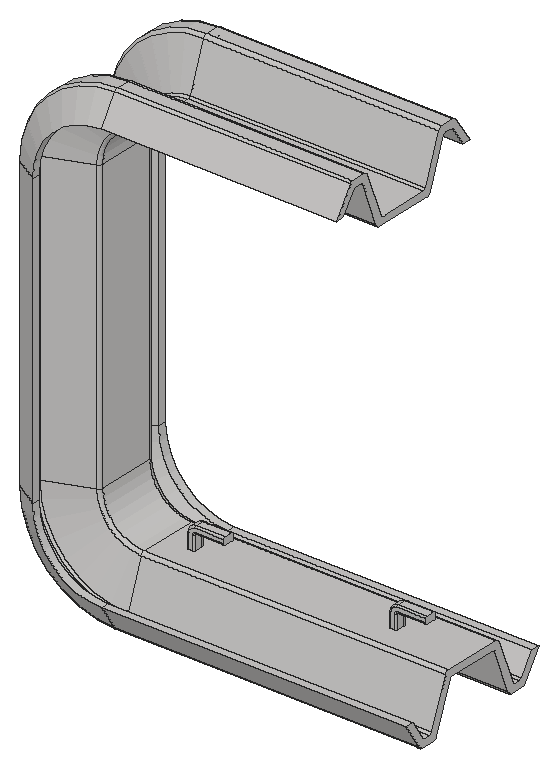
Revit family "E_Cable Tray Support_MEPcontent_OBO Bettermann_Bracket TPDG FS", category Cable Tray Fittings, Revit 2015
Parameters (values of type "TPDG 145 FS")
  Wholesaler Art. No. = ""
  Wholesaler = ""
  Watermarked By = "www.stabiplan.com"
  Width 1 = 145.00 mm
  Width = Width 1  # 145 mm
  URL = "www.stabiplan.com"
  Tray Height [instance] = 70.00 mm
  built-in parameter 1140111 [instance] = 2.50 mm  # 0.0082021 (stored number, unit not read)
  Stabu Code = ""
  Revit Version = "2015"  # constant formula
  MEPcontent Class = "CABLE_TRAY_SUPPORT"  # constant formula
  Internal Art. No. = ""
  IFCExportType = "NOTDEFINED"  # constant formula
  IFCExportAs = "IfcCableCarrierFittingType"  # constant formula
  Function Code [instance] = ""
  Family Version = "10.14"  # constant formula
  ETIM Article Class = ""
  EMCS Version = "2.0"  # constant formula
  Copyright = "© Stabiplan International BV"  # constant formula
  Content Supplier URL = ""
  CB-NL Class = ""
  Article Type = if(and(Width = 145.00 mm, Height = 175.00 mm), "TPDG 145 FS ", if(and(Width = 195.00 mm, Height = 175.00 mm), "TPDG 195 FS", if(and(Width = 245.00 mm, Height = 175.00 mm), "TPDG 245 FS ", if(and(Width = 345.00 mm, Height = 175.00 mm), "TPDG 345 FS", "Unknown"))))  # "TPDG 145 FS "
  Product Line = "OBO BETTERMANN CableTrays"  # constant formula
  Model = if(and(Width = 145.00 mm, Height = 175.00 mm), "TPDG 145 FS ", if(and(Width = 195.00 mm, Height = 175.00 mm), "TPDG 195 FS", if(and(Width = 245.00 mm, Height = 175.00 mm), "TPDG 245 FS ", if(and(Width = 345.00 mm, Height = 175.00 mm), "TPDG 345 FS", "Unknown"))))  # "TPDG 145 FS "
  Manufacturer = "OBO BETTERMANN"  # constant formula
  Custom [instance] = if(and(Width = 145.00 mm, Height = 175.00 mm), 1 = 0, if(and(Width = 195.00 mm, Height = 175.00 mm), 1 = 0, if(and(Width = 245.00 mm, Height = 175.00 mm), 1 = 0, if(and(Width = 345.00 mm, Height = 175.00 mm), 1 = 0, 1 = 1))))  # no
  Half Tray Height [instance] = Tray Height / 2  # 35.00 mm
  Height 1 = 175.00 mm  # constant formula
  Height = Height 1  # 175 mm
  GTIN = if(and(Width = 145.00 mm, Height = 175.00 mm), "4012196511754", if(and(Width = 195.00 mm, Height = 175.00 mm), "4012196042609", if(and(Width = 245.00 mm, Height = 175.00 mm), "4012196511815", if(and(Width = 345.00 mm, Height = 175.00 mm), "4012196984329", "Unknown"))))  # "4012196511754"
  Description = "Wall and Ceiling Bracket"
  Depth = 60.00 mm  # constant formula
  Manufacturer URL = "http://catalog4.obo-bettermann.com/catalogue/catalogue.do?forward=showProductGroup&act=showIO&favOid=kts_18291&action=showManyProducts&lang=nl&OID=kts_18291&catId="
  Clip Distance = 73.00 mm
  Gray = Color RGB 189-187-185
  Manufacturer Art. No. = if(and(Width = 145.00 mm, Height = 175.00 mm), "6365906", if(and(Width = 195.00 mm, Height = 175.00 mm), "6365914", if(and(Width = 245.00 mm, Height = 175.00 mm), "6365922", if(and(Width = 345.00 mm, Height = 175.00 mm), "6365949", "Unknown"))))  # "6365906"
  Article Description = "Wall and Ceiling Bracket"
Types (4, lengths in mm): name | Width 1 | Width | Tray Height | Article Type | Model | Half Tray Height | GTIN | Clip Distance | Manufacturer Art. No.
  TPDG 145 FS | 145.00 | 145 | 70.00 | "TPDG 145 FS " | "TPDG 145 FS " | 35.00 | "4012196511754" | 73.00 | "6365906"
  TPDG 245 FS | 245.00 | 245 | 150.00 | "TPDG 245 FS " | "TPDG 245 FS " | 75.00 | "4012196511815" | 173.00 | "6365922"
  TPDG 345 FS | 345.00 | 345 | 110.00 | "TPDG 345 FS" | "TPDG 345 FS" | 55.00 | "4012196984329" | 273.00 | "6365949"
  TPDG 195 FS | 195.00 | 195 | 110.00 | "TPDG 195 FS" | "TPDG 195 FS" | 55.00 | "4012196042609" | 123.00 | "6365914"
Reference planes
  plane 1 "Center (Front/Back)": y = 0
  plane 2: z = 0
  plane 3 "Center (Left/Right)": x = 0
  plane 4: z = 120
  plane 5: z = -55
  plane 6: y = 30
  plane 7: y = -30
  plane 8: x = 45.5
  plane 9: x = -72.5
  plane 10: x = 47.5
  plane 11: x = 72.5
  plane 12: z = 100
  plane 13: x = -52.5
  plane 14: z = -35
  plane 15: z = 110
  plane 16: x = -62.5
  plane 17: z = -45
  plane 18: y = -10
  plane 19: y = 10
  plane 20: y = -23.34
  plane 21: y = -16.67
  plane 22: y = 23.34
  plane 23: y = 16.67
  plane 24: y = 12.5
  plane 25: y = -12.5
  plane 26: x = -27.5
Forms (mm)
  Sweep 1, solid, material "Color RGB 189-187-185" <- "Gray", detail levels medium+fine
    path origin (0, 0, 0) x (1, 0, 0) y (0, 0, 1)
      loop
        line (47.5, 110) -> (-37.5, 110)
        arc (-37.5, 110) -> (-55.178, 102.678) -> (-62.5, 85) r 25
        line (-62.5, 85) -> (-62.5, -20)
        arc (-62.5, -20) -> (-55.178, -37.678) -> (-37.5, -45) r 25
        line (-37.5, -45) -> (72.5, -45)
    profile origin (5, 0, 110) x (0, 0, -1) y (0, -1, 0)
      loop
        line (0, 26.996) -> (0, 30) -> (-9.331, 23.785)
        arc (-9.331, 23.785) -> (-9.822, 23.245) -> (-10, 22.537) r 1.5
        line (-10, 22.537) -> (-10, 17.704)
        arc (-10, 17.704) -> (-9.735, 16.852) -> (-9.034, 16.302) r 1.5
        line (-9.034, 16.302) -> (6.856, 10.245)
        arc (6.856, 10.245) -> (7.323, 9.878) -> (7.5, 9.311) r 1
        line (7.5, 9.311) -> (7.5, -9.311)
        arc (7.5, -9.311) -> (7.323, -9.878) -> (6.856, -10.245) r 1
        line (6.856, -10.245) -> (-9.034, -16.302)
        arc (-9.034, -16.302) -> (-9.735, -16.852) -> (-10, -17.704) r 1.5
        line (-10, -17.704) -> (-10, -22.537)
        arc (-10, -22.537) -> (-9.822, -23.245) -> (-9.331, -23.785) r 1.5
        line (-9.331, -23.785) -> (0, -30) -> (0, -26.996) -> (-7.054, -22.298)
        arc (-7.054, -22.298) -> (-7.382, -21.938) -> (-7.5, -21.466) r 1
        line (-7.5, -21.466) -> (-7.5, -19.082)
        arc (-7.5, -19.082) -> (-7.323, -18.514) -> (-6.856, -18.147) r 1
        line (-6.856, -18.147) -> (9.034, -12.091)
        arc (9.034, -12.091) -> (9.735, -11.54) -> (10, -10.689) r 1.5
        line (10, -10.689) -> (10, 10.689)
        arc (10, 10.689) -> (9.735, 11.54) -> (9.034, 12.091) r 1.5
        line (9.034, 12.091) -> (-6.856, 18.147)
        arc (-6.856, 18.147) -> (-7.323, 18.514) -> (-7.5, 19.082) r 1
        line (-7.5, 19.082) -> (-7.5, 21.466)
        arc (-7.5, 21.466) -> (-7.382, 21.938) -> (-7.054, 22.298) r 1
        line (-7.054, 22.298) -> (0, 26.996)
  Sweep 2, solid, material "Color RGB 189-187-185" <- "Gray", detail levels medium+fine
    path in 3D
      loop
        line (-27.5, 0, -37.496) -> (-27.5, 0, -29.702)
        arc (-27.5, 0, -29.702) -> (-27.061, 0, -28.642) -> (-26, 0, -28.202) r 1.5
        line (-26, 0, -28.202) -> (-15.51, 0, -28.202)
    profile origin (-20.755, 0, -28.202) x (0, 0, 1) y (0, -1, 0)
      loop
        line (1.282, -1.501) -> (1.282, 1.501)
        arc (1.282, 1.501) -> (1.136, 1.855) -> (0.782, 2.001) r 0.5
        line (0.782, 2.001) -> (-0.718, 2.001)
        arc (-0.718, 2.001) -> (-1.071, 1.855) -> (-1.218, 1.501) r 0.5
        line (-1.218, 1.501) -> (-1.218, -1.501)
        arc (-1.218, -1.501) -> (-1.071, -1.855) -> (-0.718, -2.001) r 0.5
        line (-0.718, -2.001) -> (0.782, -2.001)
        arc (0.782, -2.001) -> (1.136, -1.855) -> (1.282, -1.501) r 0.5
  Sweep 3, solid, material "Color RGB 189-187-185" <- "Gray", detail levels medium+fine
    path in 3D
      loop
        line (45.5, 0, -37.496) -> (45.5, 0, -29.702)
        arc (45.5, 0, -29.702) -> (45.939, 0, -28.642) -> (47, 0, -28.202) r 1.5
        line (47, 0, -28.202) -> (57.49, 0, -28.202)
    profile origin (52.245, 0, -28.202) x (0, 0, 1) y (0, -1, 0)
      loop
        line (1.282, -1.501) -> (1.282, 1.501)
        arc (1.282, 1.501) -> (1.136, 1.855) -> (0.782, 2.001) r 0.5
        line (0.782, 2.001) -> (-0.718, 2.001)
        arc (-0.718, 2.001) -> (-1.071, 1.855) -> (-1.218, 1.501) r 0.5
        line (-1.218, 1.501) -> (-1.218, -1.501)
        arc (-1.218, -1.501) -> (-1.071, -1.855) -> (-0.718, -2.001) r 0.5
        line (-0.718, -2.001) -> (0.782, -2.001)
        arc (0.782, -2.001) -> (1.136, -1.855) -> (1.282, -1.501) r 0.5
Cuts and joins
  joined: Sweep 1, Sweep 2, Sweep 3
Lines and regions (mm)
  model lines, style "Fittings", detail levels coarse
    curve 1: line (47.5, 0, 110) -> (-62.5, 0, 110)
    curve 2: line (72.5, 0, -45) -> (-62.5, 0, -45)
    curve 3: line (-62.5, 0, 110) -> (-62.5, 0, -45)
  reference lines
    curve 4: line (-27.5, 0, -37.496) -> (-27.5, 0, -29.702)
    curve 5: line (-26, 0, -28.202) -> (-15.51, 0, -28.202)
    curve 6: arc (-27.5, 0, -29.702) -> (-27.061, 0, -28.642) -> (-26, 0, -28.202) r 1.5
    curve 10: line (45.5, 0, -37.496) -> (45.5, 0, -29.702)
    curve 11: line (47, 0, -28.202) -> (57.49, 0, -28.202)
    curve 12: arc (45.5, 0, -29.702) -> (45.939, 0, -28.642) -> (47, 0, -28.202) r 1.5
  sketch lines
    curve 7: line (-26, 0, -28.202) -> (-15.51, 0, -28.202)
    curve 8: arc (-27.5, 0, -29.702) -> (-27.061, 0, -28.642) -> (-26, 0, -28.202) r 1.5
    curve 9: line (-27.5, 0, -37.496) -> (-27.5, 0, -29.702)
    curve 13: line (47, 0, -28.202) -> (57.49, 0, -28.202)
    curve 14: arc (45.5, 0, -29.702) -> (45.939, 0, -28.642) -> (47, 0, -28.202) r 1.5
    curve 15: line (45.5, 0, -37.496) -> (45.5, 0, -29.702)
Dimensions and locks
  equal spacing: plane 6, plane 1 "Center (Front/Back)", plane 7
  "Depth": plane 6 to plane 7
  "Height": plane 4 to plane 5
  locked: plane 9 to plane 10 at 120
  equal spacing: plane 9, plane 3 "Center (Left/Right)", plane 11
  "Width": plane 9 to plane 11
  locked: plane 4 to plane 12 at 20
  locked: plane 9 to plane 13 at 20
  locked: plane 14 to plane 5 at 20
  equal spacing: plane 4, plane 15, plane 12
  equal spacing: plane 9, plane 16, plane 13
  equal spacing: plane 14, plane 17, plane 5
  equal spacing: plane 18, profile plane, plane 19
  locked: plane 18 to plane 19 at 20
  locked: plane 21 to plane 18 at 6.67
  equal spacing: plane 20, plane 21, plane 18
  plane 20 to plane 21 = 6.67 mm
  plane 22 to plane 23 = 6.67 mm
  equal spacing: plane 19, plane 23, plane 22
  plane 19 to plane 23 = 6.67 mm
  locked: plane 11 to plane 8 at 27
  "Clip Distance": plane 8 to plane 26
  plane 11 to plane 26 = 100.00 mm
  "Half Tray Height": level to plane 14
  equal spacing: Sweep 2 sketch curve, profile plane, Sweep 2 sketch curve
  Sweep 2 sketch curve to profile plane to Sweep 2 sketch curve = 1.282 mm, 1.218 mm
  equal spacing: Sweep 3 sketch curve, profile plane, Sweep 3 sketch curve
  Sweep 3 sketch curve to profile plane to Sweep 3 sketch curve = 1.282 mm, 1.218 mm
  radius of Sweep 1 sketch curve = 25.00 mm  (x2)
  radius of Sweep 1 sketch curve = 1.50 mm  (x7)
  radius of Sweep 1 sketch curve = 1.00 mm  (x6)
  aligned and locked: level to plane 2
  aligned and locked: plane 16 to curve 1
  aligned and locked: plane 15 to curve 3
  aligned and locked: plane 10 to curve 1
  aligned and locked: plane 17 to curve 3
  aligned and locked: plane 16 to curve 2
  aligned and locked: plane 11 to curve 2
  aligned and locked: plane 26 to curve 4
  aligned and locked: curve 4 to curve 6
  aligned and locked: plane 8 to curve 10
  aligned and locked: plane 8 to curve 12
Automatic sketch dimensions
  Sweep 1 sketch curve to plane 16 = 0.00 mm
  Sweep 1 sketch curve to plane 15 = 0.00 mm
  Sweep 1 sketch curve to plane 17 = 0.00 mm
  Sweep 1 sketch curve to plane 10 = 0.00 mm
  Sweep 1 sketch curve to plane 11 = 0.00 mm
  Sweep 1 sketch curve to profile plane = 0.00 mm  (x2)
  plane 22 to Sweep 1 sketch curve = 0.803 mm
  profile plane to Sweep 1 sketch curve = 8.50 mm
  Sweep 1 sketch curve to Sweep 1 sketch curve = 2.00 mm
  profile plane to Sweep 1 sketch curve = 6.50 mm
  Sweep 1 sketch curve to plane 23 = 1.477 mm
  Sweep 1 sketch curve to Sweep 1 sketch curve = 0.356 mm  (x3)
  Sweep 1 sketch curve to plane 21 = 1.477 mm
  plane 20 to Sweep 1 sketch curve = 1.042 mm
  Sweep 1 sketch curve to Sweep 1 sketch curve = 0.446 mm
  Sweep 1 sketch curve to Sweep 1 sketch curve = 0.554 mm
  Sweep 1 sketch curve to plane 22 = 0.445 mm
  Sweep 1 sketch curve to Sweep 1 sketch curve = 1.00 mm  (x2)
  plane 21 to Sweep 1 sketch curve = 0.368 mm
  Sweep 1 sketch curve to Sweep 1 sketch curve = 0.534 mm  (x4)
  plane 23 to Sweep 1 sketch curve = 0.368 mm
  Sweep 1 sketch curve to plane 20 = 0.445 mm
  plane 20 to Sweep 1 sketch curve = 0.803 mm
  plane 18 to Sweep 1 sketch curve = 0.689 mm
  Sweep 1 sketch curve to profile plane = 6.50 mm
  Sweep 1 sketch curve to plane 19 = 0.245 mm
  Sweep 1 sketch curve to plane 18 = 0.245 mm
  Sweep 1 sketch curve to plane 25 = 0.409 mm
  Sweep 1 sketch curve to plane 24 = 0.409 mm
  Sweep 1 sketch curve to plane 22 = 3.656 mm
  Sweep 1 sketch curve to Sweep 1 sketch curve = 3.004 mm  (x2)
  plane 22 to Sweep 1 sketch curve = 1.042 mm
  Sweep 1 sketch curve to plane 20 = 3.656 mm
  curve 6 to curve 6 = 1.50 mm
  curve 5 to curve 5 = 10.49 mm
  curve 10 to curve 12 = 1.50 mm
  curve 11 to curve 11 = 10.49 mm
  curve 4 to plane 14 = 2.496 mm
  curve 10 to plane 14 = 2.496 mm
  plane 14 to curve 10 = 5.298 mm
  plane 14 to curve 6 = 5.298 mm
  Sweep 2 sketch curve to Sweep 2 sketch curve = 0.50 mm  (x4)
  Sweep 2 sketch curve to profile plane = 2.001 mm
  Sweep 3 sketch curve to Sweep 3 sketch curve = 0.50 mm  (x4)
  Sweep 3 sketch curve to profile plane = 2.001 mm
